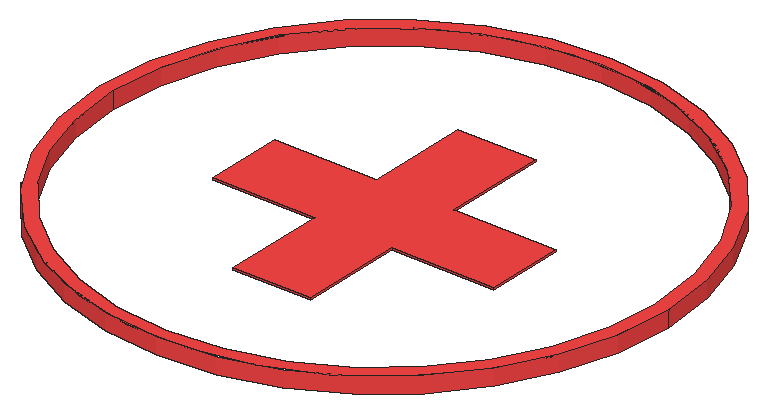
Revit family "HOSPITAL", category Generic Models, Revit 2020
Family settings
  Can host rebar = No
  Round Connector Dimension = Use Diameter
  Part Type = Normal
  Work Plane-Based = No
  Always vertical = Yes
  Cut with Voids When Loaded = No
  Shared = No
  Room Calculation Point = No
Parameters
  Default Elevation = 0 mm
Reference planes
  plane 1 "Center (Front/Back)": y = 0
  plane 2: z = 0
  plane 3 "Center (Left/Right)": x = 0
Forms (mm)
  Extrusion 1, solid, material "hopistal_red"
    sketch origin (-104.434, 60.696, 0) x (1, 0, 0) y (0, 1, 0)
      loop
        circle (104.434, -60.696) r 880
      loop
        circle (104.434, -60.696) r 840
    from 0 to 50
  Extrusion 2, solid, material "hopistal_red"
    sketch origin (-120, -205.009, 0) x (1, 0, 0) y (0, 1, 0)
      loop
        line (0, 640.009) -> (0, -229.991) -> (240, -229.991) -> (240, 640.009) -> (0, 640.009)
    from 0 to 5
  Extrusion 3, solid, material "hopistal_red"
    sketch origin (205.009, -120, 0) x (0, 1, 0) y (-1, 0, 0)
      loop
        line (0, 640.009) -> (0, -229.991) -> (240, -229.991) -> (240, 640.009) -> (0, 640.009)
    from 0 to 5
Cuts and joins
  joined: Extrusion 2, Extrusion 3
Dimensions and locks
  aligned and locked: plane 2 to level
